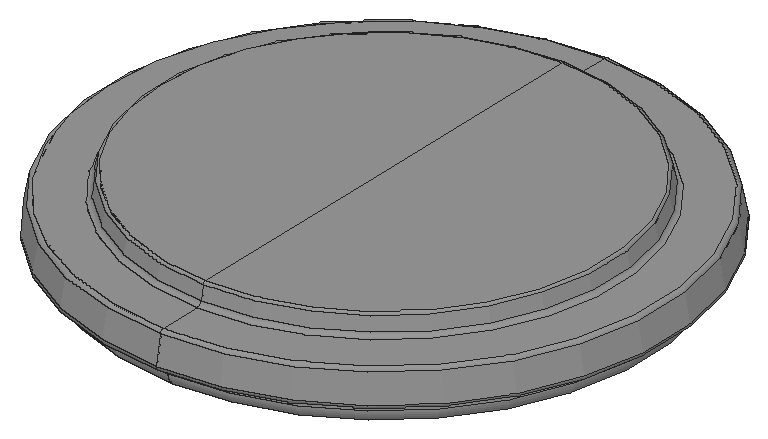
Revit family "FMK12_63_UN_Surface-mounted_ETK", category Lighting Fixtures, Revit 2017
Family settings
  Round Connector Dimension = Use Diameter
  Part Type = Normal
  OmniClass Number = 23.80.70.11.14.11
  OmniClass Title = Downlights
  Work Plane-Based = No
  Always vertical = Yes
  Cut with Voids When Loaded = No
  Light Source = No
  Shared = No
  Room Calculation Point = Yes
Parameters (values of type "FMK.1239.10N - Ø300x40 / 18W")
  Wattage Comments = "18W"
  Wall mounted [instance] = no
  Voltage = 230 V
  URL = "https://www.etk.nl/--4761"
  Type Comments = "IP54 - IK08"
  Symbol_Waterproof [instance] = no
  Symbol_Emergency Lighting [instance] = no
  Switch Code [instance] = ""
  Radius = Diameter / 2  # 150 mm
  Model = "FMK.1"
  Manufacturer = "ETK licht B.V."
  Luminaire_Body_Material = PPS Plastic
  Luminaire Code [instance] = ""
  Lamp = "LED"
  IfcExportType = "USERDEFINED"
  IfcExportAs = "IfcLightFixtureType"
  Distance Symbol [instance] = if(Wall mounted, 250 mm, 0 mm)  # 0 mm
  Distance Luminaire Wall [instance] = if([40mm Height], 28.2 mm, 38.2 mm)  # 28.2 mm
  Distance Luminaire [instance] = if([40mm Height], 28.2 mm, 38.2 mm)  # 28.2 mm
  Diameter = 300 mm
  Description = "Surface Mounted"
  Copyright © IVLighting = "www.ivlighting.nl"
  Ceiling mounted [instance] = not(Wall mounted)  # yes
  Calc_Radius = Radius - 7.7 mm  # 142.3 mm
  Bundle = "120°"
  Assembly Code = "63.0"
  Apparent Load = 18 VA
  48mm Height = not([40mm Height])  # no
  40mm Height = yes
Reference planes
  plane 1 "Center (Front/Back)": y = 0
  plane 2: z = 0
  plane 3 "Center (Left/Right)": x = 0
Dimensions and locks
  "Distance Luminaire": plane 2 to nested 2
  "Distance Luminaire Wall": nested 1 to plane 3 "Center (Left/Right)"
  "Distance Symbol": plane 3 "Center (Left/Right)" to nested 5
  aligned and locked: level to plane 2
Nested families
  nested 1: "FMK1 Geometry" at (40.028, 0, -0.011) x (0, 0, 1) z (-1, 0, 0), visible <- "Wall mounted", type "FMK1 Geometry"
    with Symbol_Waterproof no, Symbol_Emergency Lighting no
  nested 2: "FMK1 Geometry" at (0, 0, -40.028) x (0, -1, 0) z (0, 0, 1), visible <- "Ceiling mounted", type "FMK1 Geometry"
    with Symbol_Waterproof no, Symbol_Emergency Lighting no
  nested 3: "FMK.1 - Lightsource" at (40.039, -3.799, 2.924) x (0, 0, -1) z (-1, 0, 0), visible <- "Wall mounted", type "FMK.1109.10 - Ø250x48 / 12W"
  nested 4: "FMK.1 - Lightsource" at (0, -0.95, -38.75), visible <- "Ceiling mounted", type "FMK.1109.10 - Ø250x48 / 12W"
  nested 5: "FMK.1 D300 Light_Symbol_IVL" at (0, 0, 0), Emergency Lighting <- "Symbol_Emergency Lighting", Wall mounted <- "Wall mounted", Waterproof <- "Symbol_Waterproof", type "Symbol 300mm"
    with Waterproof no, Wall mounted no, Lighting Fixture yes, Emergency Lighting no
Connectors
  electrical at (0, 0, 0), driven by "Apparent Load"
    settings: index 1, voltage 0 V, apparent load 0 VA, apparent load phase1 18 VA, apparent load phase2 0 VA, apparent load phase3 0 VA, power factor 1, load classification "Other", number of poles 1, system type 31, power factor state 1, is connector primary yes, connector utility no, sub classification motor no, connector description ""
Definition of nested family "FMK1 Geometry"
  Parameters (values of type "FMK1 Geometry")
    URL = "https://www.etk.nl/--4761"
    Type Comments = "IP54 - IK08"
    Symbol_Waterproof [instance] = no
    Symbol_Emergency Lighting [instance] = no
    Radius = Diameter / 2  # 150 mm
    Model = "FMK.1"
    Manufacturer = "ETK licht B.V."
    Luminaire_Body_Material = none
    Diameter = 300 mm
    Description = "Surface Mounted"
    Default Elevation = 1219.2 mm
    Copyright © IVLighting = "www.ivlighting.nl"
    Calc_Radius = Radius - 7.7 mm  # 142.3 mm
    Assembly Code = "63.0"
    48mm Height = not([40mm Height])  # no
    40mm Height = yes
  Reference planes
    plane 1 "Center (Front/Back)": y = 0
    plane 2: z = 0
    plane 3 "Center (Left/Right)": x = 0
    plane 4: x = -150
    plane 5: x = -142.3
    plane 6: x = -117.421
    plane 7: x = -150
    plane 8: x = -120.493
  Forms (mm)
    Revolve 1, solid, visible <- "48mm Height"
      sketch origin (0, 0, 0) x (1, 0, 0) y (0, 0, 1)
        loop
          line (0, 11.878) -> (0, 50.016) -> (-117.421, 50.016)
          arc (-117.421, 50.016) -> (-118.285, 49.731) -> (-118.81, 48.988) r 1.453
          arc (-118.81, 48.988) -> (-120.071, 44.131) -> (-120.91, 39.183) r 58.4
          arc (-120.91, 39.183) -> (-121.418, 38.222) -> (-122.436, 37.837) r 1.538
          line (-122.436, 37.837) -> (-141.664, 37.837)
          arc (-141.664, 37.837) -> (-143.489, 37.28) -> (-144.691, 35.8) r 3.266
          arc (-144.691, 35.8) -> (-148.152, 25.071) -> (-150, 13.95) r 76.559
          arc (-150, 13.95) -> (-149.511, 12.497) -> (-148.108, 11.878) r 1.9
          line (-148.108, 11.878) -> (0, 11.878)
        axis (0, 50.016) -> (0, 11.878)
      angle from 0 to 360
    Revolve 2, solid
      sketch origin (0, 0, 0) x (1, 0, 0) y (0, 0, 1)
        loop
          line (-135.229, 0) -> (0, 0) -> (0, 11.828) -> (-142.3, 11.828) -> (-142.3, 7.071)
          arc (-142.3, 7.071) -> (-140.229, 2.071) -> (-135.229, 0) r 7.071
        axis (0, 11.828) -> (0, 0)
      angle from 0 to 360
    Revolve 3, solid, visible <- "40mm Height"
      sketch origin (0, 0, 0) x (1, 0, 0) y (0, 0, 1)
        loop
          line (0, 11.878) -> (0, 40) -> (-117.421, 40)
          arc (-117.421, 40) -> (-118.285, 39.715) -> (-118.81, 38.972) r 1.453
          arc (-118.81, 38.972) -> (-119.76, 35.483) -> (-120.493, 31.941) r 58.4
          arc (-120.493, 31.941) -> (-121.366, 30.426) -> (-123.008, 29.828) r 2.553
          line (-123.008, 29.828) -> (-145.086, 29.828)
          arc (-145.086, 29.828) -> (-146.498, 29.355) -> (-147.342, 28.129) r 2.347
          arc (-147.342, 28.129) -> (-149.006, 21.102) -> (-150, 13.95) r 76.559
          arc (-150, 13.95) -> (-149.511, 12.497) -> (-148.108, 11.878) r 1.9
          line (-148.108, 11.878) -> (0, 11.878)
        axis (0, 40) -> (0, 11.878)
      angle from 0 to 360
  Dimensions and locks
    "Radius": plane 3 "Center (Left/Right)" to plane 4
    "Calc_Radius": plane 3 "Center (Left/Right)" to plane 5
    locked: plane 6 to plane 4 at 32.579
    Revolve 3 sketch curve to plane 2 = 40 mm
    locked: plane 7 to plane 8 at 29.507
    "Radius": plane 3 "Center (Left/Right)" to plane 7
    aligned and locked: level to plane 2
    aligned and locked: plane 4 to Revolve 1 sketch curve
    aligned and locked: plane 5 to Revolve 2 sketch curve
    aligned and locked: plane 6 to Revolve 1 sketch curve
    aligned and locked: plane 7 to Revolve 3 sketch curve
  Automatic sketch dimensions
    Revolve 1 sketch curve to plane 4 = 0 mm
    Revolve 1 sketch curve to plane 3 "Center (Left/Right)" = 0 mm  (x2)
    plane 4 to Revolve 1 sketch curve = 1.892 mm
    plane 4 to Revolve 1 sketch curve = 8.336 mm
    Revolve 1 sketch curve to plane 6 = 5.015 mm
    level to Revolve 1 sketch curve = 6.994 mm
    plane 6 to Revolve 1 sketch curve = 43.663 mm
    Revolve 1 sketch curve to Revolve 1 sketch curve = 10.792 mm
    level to Revolve 1 sketch curve = 11.878 mm
    Revolve 1 sketch curve to Revolve 1 sketch curve = 24.906 mm
    Revolve 1 sketch curve to Revolve 1 sketch curve = 20.793 mm
    Revolve 1 sketch curve to Revolve 1 sketch curve = 3.266 mm
    Revolve 1 sketch curve to Revolve 1 sketch curve = 1.538 mm
    Revolve 1 sketch curve to Revolve 1 sketch curve = 9.38 mm
    Revolve 1 sketch curve to Revolve 1 sketch curve = 38.138 mm
    Revolve 1 sketch curve to Revolve 1 sketch curve = 0 mm
    Revolve 1 sketch curve to level = 366.045 mm
    Revolve 1 sketch curve to Revolve 1 sketch curve = 2164.299 mm
    Revolve 2 sketch curve to level = 0 mm
    Revolve 2 sketch curve to plane 3 "Center (Left/Right)" = 0 mm  (x2)
    plane 5 to Revolve 2 sketch curve = 7.071 mm
    level to Revolve 2 sketch curve = 11.828 mm
    Revolve 2 sketch curve to Revolve 2 sketch curve = 366.045 mm
    Revolve 2 sketch curve to Revolve 2 sketch curve = 2202.487 mm
    plane 7 to Revolve 3 sketch curve = 0 mm
    plane 8 to Revolve 3 sketch curve = 0 mm  (x2)
    Revolve 3 sketch curve to plane 3 "Center (Left/Right)" = 0 mm  (x2)
    Revolve 3 sketch curve to plane 7 = 1.892 mm
    Revolve 3 sketch curve to plane 7 = 4.914 mm
    plane 8 to Revolve 3 sketch curve = 2.515 mm
    Revolve 3 sketch curve to plane 8 = 3.073 mm
    level to Revolve 3 sketch curve = 6.994 mm
    Revolve 3 sketch curve to plane 8 = 46.736 mm
    Revolve 3 sketch curve to Revolve 3 sketch curve = 10.792 mm
    level to Revolve 3 sketch curve = 11.878 mm
    Revolve 3 sketch curve to Revolve 3 sketch curve = 14.89 mm
    Revolve 3 sketch curve to Revolve 3 sketch curve = 13.703 mm
    Revolve 3 sketch curve to Revolve 3 sketch curve = 2.347 mm
    Revolve 3 sketch curve to Revolve 3 sketch curve = 1.453 mm
    Revolve 3 sketch curve to level = 366.045 mm
    Revolve 3 sketch curve to Revolve 3 sketch curve = 2174.315 mm
Definition of nested family "FMK.1 - Lightsource"
  Parameters (values of type "FMK.1109.10 - Ø250x48 / 12W")
    Wattage Comments = "12W"
    Wattage = 23.5624 W
    built-in parameter 1150110 = 1 (stored number, unit not read)
    URL = "https://www.etk.nl/--4761"
    built-in parameter 1114217 = 1 (stored number, unit not read)
    Tilt Angle = 90.00°
    built-in parameter 1150109 = 1 (stored number, unit not read)
    built-in parameter 1150134 = (empty or 0)
    built-in parameter 1150113 = 1 (stored number, unit not read)
    Photometric Web File = "FMK.1109.10.ies"
    built-in parameter 1150142 = "IESNA:LM-63-2002\r\n[TEST] /2015\r\n[TESTLAB] ies2eulumdat.appspot.com\r\n[ISSUEDATE] 2021-06-16T09:00:21.829\r\n[MANUFAC] www.etk.nl\r\n[LUMCAT] FMK.1109.10\r\n[LUMINAIRE] FMK.1 LED 12W 3000/4000/5700K ø250 niet dimbaar\r\n[LAMPCAT] LED\r\n[LAMP] LED\r\nTILT=NONE\r\n1\t1150\t1\t46\t180\t1\t2\t-0.250\t-0.250\t0\r\n1.0\t1.0\t11.80\r\n0\t 2\t 4\t 6\t 8\t 10\t 12\t 14\t 16\t 18\r\n20\t 22\t 24\t 26\t 28\t 30\t 32\t 34\t 36\t 38\r\n40\t 42\t 44\t 46\t 48\t 50\t 52\t 54\t 56\t 58\r\n60\t 62\t 64\t 66\t 68\t 70\t 72\t 74\t 76\t 78\r\n80\t 82\t 84\t 86\t 88\t 90\r\n0\t 2\t 4\t 6\t 8\t 10\t 12\t 14\t 16\t 18\r\n20\t 22\t 24\t 26\t 28\t 30\t 32\t 34\t 36\t 38\r\n40\t 42\t 44\t 46\t 48\t 50\t 52\t 54\t 56\t 58\r\n60\t 62\t 64\t 66\t 68\t 70\t 72\t 74\t 76\t 78\r\n80\t 82\t 84\t 86\t 88\t 90\t 92\t 94\t 96\t 98\r\n100\t 102\t 104\t 106\t 108\t 110\t 112\t 114\t 116\t 118\r\n120\t 122\t 124\t 126\t 128\t 130\t 132\t 134\t 136\t 138\r\n140\t 142\t 144\t 146\t 148\t 150\t 152\t 154\t 156\t 158\r\n160\t 162\t 164\t 166\t 168\t 170\t 172\t 174\t 176\t 178\r\n180\t 182\t 184\t 186\t 188\t 190\t 192\t 194\t 196\t 198\r\n200\t 202\t 204\t 206\t 208\t 210\t 212\t 214\t 216\t 218\r\n220\t 222\t 224\t 226\t 228\t 230\t 232\t 234\t 236\t 238\r\n240\t 242\t 244\t 246\t 248\t 250\t 252\t 254\t 256\t 258\r\n260\t 262\t 264\t 266\t 268\t 270\t 272\t 274\t 276\t 278\r\n280\t 282\t 284\t 286\t 288\t 290\t 292\t 294\t 296\t 298\r\n300\t 302\t 304\t 306\t 308\t 310\t 312\t 314\t 316\t 318\r\n320\t 322\t 324\t 326\t 328\t 330\t 332\t 334\t 336\t 338\r\n340\t 342\t 344\t 346\t 348\t 350\t 352\t 354\t 356\t 358\r\n\r\n405.3384\t404.7765\t404.2265\t402.9975\t401.1013\t399.2051\t395.3191\t391.4331\t387.5471\t383.661\r\n379.7751\t373.4779\t367.169\t360.8717\t354.5746\t348.2657\t339.7094\t331.1415\t322.5852\t314.029\r\n305.461\t294.8096\t284.1582\t273.5069\t262.8555\t252.2041\t239.7267\t227.261\t214.7837\t202.3181\r\n189.8525\t177.3751\t164.9094\t152.432\t139.9664\t127.4891\t0\t0\t0\t0\r\n0\t0\t0\t0\t0\t0\r\n405.3384\t404.7925\t404.2577\t403.0448\t401.1686\t399.2994\t395.4335\t391.5606\t387.7102\t383.8203\r\n379.9334\t373.6444\t367.3443\t361.0453\t354.7325\t348.4388\t339.8983\t331.3616\t322.8117\t314.2627\r\n305.722\t295.0872\t284.4404\t273.8022\t263.1576\t252.5163\t240.0548\t227.5873\t215.131\t202.664\r\n190.1945\t177.7378\t165.2697\t152.8012\t140.3312\t128.1946\t0.3296\t0\t0\t0\r\n0\t0\t0\t0\t0\t0\r\n405.3384\t404.8094\t404.2892\t403.0935\t401.2796\t399.4809\t395.6213\t391.7396\t387.8385\t383.9437\r\n380.072\t373.802\t367.5085\t361.2065\t354.9129\t348.6531\t340.137\t331.5961\t323.0451\t314.5012\r\n305.9895\t295.3818\t284.734\t274.0862\t263.4264\t252.8071\t240.376\t227.9231\t215.4572\t202.995\r\n190.53\t178.0631\t165.6056\t153.1389\t140.6717\t129.4859\t1.3419\t0\t0\t0\r\n0\t0\t0\t0\t0\t0\r\n405.3384\t404.8271\t404.3209\t403.1488\t401.3532\t399.5783\t395.7291\t391.8382\t387.9181\t384.0265\r\n380.1901\t373.9544\t367.6616\t361.3486\t355.0482\t348.8012\t340.3437\t331.8018\t323.2501\t314.6929\r\n306.2129\t295.662\t285.012\t274.3604\t263.7094\t253.1247\t240.74\t228.2758\t215.8122\t203.3491\r\n190.8749\t178.4127\t165.9503\t153.4898\t141.027\t131.3458\t3.1025\t0\t0\t0\r\n0\t0\t0\t0\t0\t0\r\n405.3384\t404.8458\t404.3591\t403.1978\t401.4167\t399.6486\t395.7816\t391.8937\t388.0038\t384.1068\r\n380.2987\t374.1143\t367.817\t361.5156\t355.2003\t348.9967\t340.5979\t332.043\t323.4957\t314.942\r\n306.4955\t295.9896\t285.3021\t274.6328\t263.9659\t253.4202\t241.0823\t228.6129\t216.1591\t203.6915\r\n191.2234\t178.7558\t166.3001\t153.8352\t141.371\t133.6544\t5.718\t0\t0\t0\r\n0\t0\t0\t0\t0\t0\r\n405.3384\t404.8652\t404.3908\t403.2459\t401.4706\t399.6646\t395.8675\t391.9843\t388.0857\t384.1821\r\n380.4316\t374.3456\t368.0256\t361.7021\t355.3697\t349.2\t340.8799\t332.2872\t323.6935\t315.0968\r\n306.6804\t296.3012\t285.6181\t274.9391\t264.248\t253.707\t241.4578\t228.9766\t216.4988\t204.0245\r\n191.5571\t179.0864\t166.6186\t154.1544\t141.6922\t136.24\t9.3369\t0\t0\t0\r\n0\t0\t0\t0\t0\t0\r\n405.3384\t404.8854\t404.4219\t403.2933\t401.5055\t399.7186\t395.9651\t392.0842\t388.1903\t384.3067\r\n380.5784\t374.5562\t368.2162\t361.8639\t355.4958\t349.3364\t341.1183\t332.5123\t323.9013\t315.2964\r\n306.9063\t296.6299\t285.9122\t275.1976\t264.4831\t253.9575\t241.8218\t229.3201\t216.8328\t204.3396\r\n191.8483\t179.3695\t166.8926\t154.4222\t141.9565\t138.8551\t14.1501\t0\t0\t0\r\n0\t0\t0\t0\t0\t0\r\n405.3384\t404.9066\t404.4521\t403.3398\t401.5506\t399.7766\t396.0731\t392.2029\t388.3231\t384.3922\r\n380.6589\t374.7488\t368.3792\t361.9898\t355.5837\t349.4181\t341.3685\t332.7528\t324.1099\t315.4532\r\n307.0598\t296.9581\t286.2249\t275.4731\t264.7159\t254.1799\t242.1928\t229.6762\t217.1659\t204.6692\r\n192.1717\t179.6758\t167.1817\t154.6978\t142.2295\t141.3105\t20.401\t0\t0\t0\r\n0\t0\t0\t0\t0\t0\r\n405.3384\t404.9688\t404.4817\t403.3908\t401.5946\t399.8358\t396.2032\t392.3475\t388.4203\t384.4425\r\n380.7195\t374.9437\t368.5473\t362.1238\t355.6851\t349.5134\t341.9282\t332.9785\t324.3069\t315.6402\r\n306.9436\t297.5694\t286.5262\t275.7395\t264.9593\t254.1623\t242.7912\t230.0358\t217.5005\t204.986\r\n192.4711\t179.9636\t167.4644\t154.9748\t142.4941\t143.2492\t28.3764\t0\t0\t0\r\n0\t0\t0\t0\t0\t0\r\n405.3384\t404.9901\t404.5102\t403.434\t401.6375\t399.8986\t396.3675\t392.4653\t388.4946\t384.4886\r\n380.7515\t375.1532\t368.7296\t362.2829\t355.7949\t349.2691\t342.1908\t333.257\t324.528\t315.7751\r\n307.0363\t297.9246\t286.8722\t276.0236\t265.1733\t254.3419\t243.18\t230.433\t217.8766\t205.3224\r\n192.7845\t180.2462\t167.7206\t155.2142\t142.724\t144.3059\t38.4235\t0\t0\t0\r\n0\t0\t0\t0\t0\t0\r\n405.3384\t405.0108\t404.5376\t403.4745\t401.6757\t399.9613\t396.5103\t392.5677\t388.5717\t384.5293\r\n380.4421\t375.6788\t368.9428\t362.4278\t355.8852\t349.3419\t342.4468\t333.4846\t324.7196\t315.9401\r\n307.1422\t298.1755\t287.1691\t276.2852\t265.4162\t254.5351\t243.54\t230.8321\t218.2158\t205.6051\r\n193.0422\t180.5018\t167.9628\t155.4439\t142.9509\t130.4715\t80.1717\t0\t0\t0\r\n0\t0\t0\t0\t0\t0\r\n405.3384\t405.0308\t404.5638\t403.5122\t401.7197\t400.0344\t396.6479\t392.675\t388.642\t384.5539\r\n380.446\t375.8849\t369.1475\t362.5941\t356.0076\t349.3402\t342.606\t333.7678\t324.9507\t316.0958\r\n307.1888\t298.3823\t287.5427\t276.5987\t265.6547\t254.6769\t243.7733\t231.1892\t218.5583\t205.9536\r\n193.3574\t180.7795\t168.2176\t155.6732\t143.1664\t130.6811\t92.6587\t0\t0\t0\r\n0\t0\t0\t0\t0\t0\r\n405.3384\t405.0504\t404.5956\t403.547\t401.7653\t400.0733\t397.0342\t392.7846\t388.7175\t384.6009\r\n380.4658\t376.0643\t369.3866\t362.7735\t356.0799\t349.3699\t342.7566\t334.0832\t325.1628\t316.2179\r\n307.2752\t298.5357\t287.9146\t276.8913\t265.8705\t254.8646\t244.0337\t231.6235\t218.9315\t206.265\r\n193.6356\t181.0339\t168.4572\t155.9156\t143.3861\t130.8825\t104.473\t0\t0\t0\r\n0\t0\t0\t0\t0\t0\r\n405.3384\t405.0692\t404.6173\t403.5726\t401.812\t400.0922\t397.1653\t392.8976\t388.795\t384.6787\r\n380.4567\t376.1942\t369.6246\t362.9226\t356.2055\t349.4272\t342.8367\t334.3769\t325.3805\t316.3703\r\n307.3625\t298.3377\t288.5546\t277.2123\t266.1258\t255.0391\t244.1559\t232.0335\t219.3073\t206.6258\r\n193.9576\t181.3129\t168.7045\t156.1324\t143.5875\t131.0872\t115.0185\t0\t0\t0\r\n0\t0\t0\t0\t0\t0\r\n405.3384\t405.0876\t404.6362\t403.6022\t401.8688\t399.828\t397.2783\t392.9976\t388.9023\t384.7385\r\n380.4432\t376.2623\t369.8607\t363.1303\t356.3361\t349.4819\t342.5273\t334.9205\t325.6274\t316.563\r\n307.4647\t298.325\t288.8953\t277.552\t266.3836\t255.2249\t244.066\t232.6598\t219.71\t206.9637\r\n194.2635\t181.5828\t168.9417\t156.3369\t143.7678\t131.2452\t123.6219\t0\t0\t0\r\n0\t0\t0\t0\t0\t0\r\n405.3384\t405.1054\t404.6527\t403.6299\t401.9954\t399.8313\t397.3825\t393.1311\t389.0376\t384.7914\r\n380.4256\t376.2601\t370.1442\t363.3441\t356.5\t349.5195\t342.4467\t335.1645\t325.9313\t316.7695\r\n307.548\t298.3169\t289.1161\t277.9297\t266.651\t255.4032\t244.1853\t232.9715\t220.1319\t207.3312\r\n194.5444\t181.8166\t169.148\t156.5181\t143.9438\t131.4005\t129.5504\t10.7169\t0\t0\r\n0\t0\t0\t0\t0\t0\r\n405.3384\t405.1227\t404.6665\t403.6558\t402.0282\t399.8387\t397.4732\t393.2952\t389.1616\t384.8421\r\n380.4176\t375.9014\t370.721\t363.6037\t356.6569\t349.5494\t342.4061\t335.3294\t326.2421\t316.9739\r\n307.6665\t298.3454\t289.1781\t278.2878\t266.963\t255.6467\t244.3238\t233.1536\t220.5163\t207.6577\r\n194.8355\t182.0686\t169.3482\t156.6677\t144.0408\t131.4715\t131.8453\t25.923\t0\t0\r\n0\t0\t0\t0\t0\t0\r\n405.3384\t405.1396\t404.6776\t403.6776\t402.0538\t399.8619\t397.5341\t393.5083\t389.2881\t384.8846\r\n380.4261\t375.832\t370.9139\t363.9038\t356.8028\t349.6355\t342.4017\t335.332\t326.5796\t317.2212\r\n307.8198\t298.3417\t288.8594\t278.9905\t267.339\t255.8866\t244.4302\t233.0061\t221.1259\t208.0094\r\n195.1274\t182.2902\t169.5075\t156.7928\t144.1389\t131.538\t118.9821\t72.5747\t0\t0\r\n0\t0\t0\t0\t0\t0\r\n405.3384\t405.1559\t404.686\t403.7113\t402.0482\t399.882\t397.6063\t393.7003\t389.4083\t384.9648\r\n380.4586\t375.7543\t371.0891\t364.165\t357.0131\t349.7518\t342.4103\t334.9484\t327.1548\t317.4999\r\n307.9709\t298.3923\t288.8332\t279.2321\t267.7019\t256.1485\t244.593\t233.049\t221.4516\t208.379\r\n195.4187\t182.5259\t169.6952\t156.9157\t144.2105\t131.5685\t118.9925\t91.6472\t0\t0\r\n0\t0\t0\t0\t0\t0\r\n405.3384\t405.1718\t404.6918\t403.7304\t402.0748\t399.9057\t397.6713\t393.8957\t389.5114\t385.088\r\n380.4979\t375.7076\t371.0587\t364.4889\t357.2386\t349.9042\t342.4218\t334.8539\t327.2884\t317.8216\r\n308.1836\t298.5219\t288.784\t279.2695\t268.1369\t256.4569\t244.7869\t233.1079\t221.6219\t208.7797\r\n195.7476\t182.7712\t169.842\t157.0084\t144.2669\t131.5897\t118.9856\t106.3522\t0\t0\r\n0\t0\t0\t0\t0\t0\r\n405.3384\t405.1872\t404.677\t403.7455\t402.1069\t399.9332\t397.7438\t394.3242\t389.6719\t385.2237\r\n380.5442\t375.6807\t370.6129\t365.0631\t357.5309\t350.0674\t342.4859\t334.7817\t327.2448\t318.4473\r\n308.4635\t298.6371\t288.784\t278.8955\t268.7927\t256.8209\t244.9966\t233.2361\t221.4851\t209.3772\r\n196.0586\t182.9925\t170.014\t157.1221\t144.303\t131.5659\t118.922\t115.4507\t0.7529\t0\r\n0\t0\t0\t0\t0\t0\r\n405.3384\t405.2023\t404.5924\t403.7567\t402.1445\t399.9518\t397.5215\t394.4699\t389.8906\t385.382\r\n380.6063\t375.6074\t370.4961\t365.1827\t357.8531\t350.2794\t342.5728\t334.767\t326.8088\t318.7303\r\n308.7717\t298.8224\t288.8326\t278.8036\t268.8778\t257.2662\t245.3121\t233.3885\t221.4719\t209.6291\r\n196.4163\t183.2663\t170.1886\t157.217\t144.3317\t131.5459\t118.8227\t106.1876\t17.4697\t0\r\n0\t0\t0\t0\t0\t0\r\n405.3384\t405.217\t404.5944\t403.7643\t402.2164\t399.9969\t397.5215\t394.5348\t390.1198\t385.5481\r\n380.6842\t375.579\t370.3695\t365.1761\t358.5091\t350.5396\t342.7377\t334.7731\t326.7113\t318.7291\r\n309.1553\t299.0695\t288.9289\t278.7193\t268.5571\t257.9194\t245.6422\t233.5555\t221.5159\t209.6959\r\n196.8141\t183.564\t170.3986\t157.3153\t144.3298\t131.4311\t118.6433\t105.963\t65.2493\t0\r\n0\t0\t0\t0\t0\t0\r\n405.3384\t405.2314\t404.597\t403.7683\t402.259\t400.1387\t397.5142\t394.6254\t390.3718\t385.7346\r\n380.7618\t375.6336\t370.2359\t364.7113\t358.7633\t350.8369\t342.942\t334.8576\t326.6208\t318.2983\r\n309.7123\t299.3766\t289.0811\t278.7695\t268.3526\t258.0866\t246.0418\t233.822\t221.6258\t209.5032\r\n197.3492\t183.8918\t170.5912\t157.4067\t144.3357\t131.3476\t118.48\t105.7362\t86.9291\t0\r\n0\t0\t0\t0\t0\t0\r\n405.3384\t405.2454\t404.6007\t403.7691\t402.2969\t400.2013\t397.5194\t394.7022\t390.8756\t385.9297\r\n380.8283\t375.6809\t370.2029\t364.5257\t358.7975\t351.2443\t343.1931\t334.9798\t326.6184\t318.1094\r\n309.6994\t299.7814\t289.3562\t278.8261\t268.235\t257.6488\t246.725\t234.1375\t221.8235\t209.5282\r\n197.4412\t184.2693\t170.8692\t157.5318\t144.3183\t131.2485\t118.3192\t105.4985\t99.8452\t0\r\n0\t0\t0\t0\t0\t0\r\n405.3384\t405.2465\t404.6055\t403.7327\t402.33\t400.28\t397.5374\t394.7758\t391.1064\t386.1222\r\n380.9814\t375.6963\t370.1916\t364.3689\t358.3019\t351.8681\t343.551\t335.1761\t326.6651\t318.0094\r\n309.224\t300.3263\t289.676\t278.9673\t268.2109\t257.4449\t246.79\t234.5954\t222.0662\t209.6096\r\n197.2538\t184.796\t171.1111\t157.6776\t144.3725\t131.1929\t118.1378\t105.2239\t92.4606\t7.417\r\n0\t0\t0\t0\t0\t0\r\n405.3384\t405.26\t404.6117\t403.7331\t402.3583\t400.3318\t397.5727\t394.5667\t391.2865\t386.3445\r\n381.2477\t375.7985\t370.1959\t364.244\t358.0878\t351.9228\t343.9437\t335.4465\t326.8059\t317.9911\r\n309.0489\t300.2024\t290.2985\t279.2004\t268.2951\t257.2789\t246.344\t235.2056\t222.4167\t209.7955\r\n197.2042\t184.8605\t171.4948\t157.9091\t144.4487\t131.1247\t117.9609\t104.9565\t92.1149\t52.9313\r\n0\t0\t0\t0\t0\t0\r\n405.3384\t405.2736\t404.6193\t403.7351\t402.3811\t400.3748\t397.6302\t394.5872\t391.3781\t386.8119\r\n381.4951\t375.9993\t370.2514\t364.1293\t357.9116\t351.3889\t344.5079\t335.822\t327.0416\t318.0736\r\n308.9557\t299.6921\t290.3569\t279.5927\t268.421\t257.3226\t246.1\t234.903\t222.8814\t210.0311\r\n197.2958\t184.6475\t172.0079\t158.165\t144.5452\t131.0796\t117.7978\t104.7315\t91.8426\t76.8551\r\n0\t0\t0\t0\t0\t0\r\n405.3384\t405.2871\t404.6284\t403.7382\t402.383\t400.4092\t397.8019\t394.6157\t391.382\t386.9759\r\n381.7537\t376.2214\t370.3501\t364.1175\t357.7917\t351.1064\t344.4201\t336.5393\t327.3814\t318.2587\r\n308.9705\t299.4656\t289.8818\t280.0753\t268.8078\t257.4031\t245.984\t234.5829\t223.2864\t210.4452\r\n197.4796\t184.6232\t171.8738\t158.4916\t144.6856\t131.1101\t117.7175\t104.5034\t91.5471\t87.0893\r\n0\t0\t0\t0\t0\t0\r\n405.3384\t405.3008\t404.6392\t403.7418\t402.3989\t400.4352\t397.8747\t394.6614\t391.0674\t387.1128\r\n382.2229\t376.4632\t370.4832\t364.2203\t357.7251\t350.8963\t343.8101\t336.6669\t327.8215\t318.561\r\n309.1145\t299.4337\t289.6313\t279.6987\t269.4041\t257.6346\t246.0417\t234.3777\t222.7877\t211.0609\r\n197.8041\t184.6956\t171.7174\t158.9026\t144.9461\t131.1605\t117.657\t104.3263\t91.2411\t78.3968\r\n8.6356\t0\t0\t0\t0\t0\r\n405.3384\t405.3146\t404.6518\t403.7453\t402.4116\t400.4333\t397.9374\t394.7255\t391.0189\t387.2362\r\n382.4741\t376.7553\t370.621\t364.3583\t357.712\t350.7498\t343.5434\t336.0689\t328.3754\t318.9975\r\n309.3575\t299.5473\t289.484\t279.3984\t269.2587\t258.261\t246.2079\t234.3624\t222.4746\t210.6739\r\n198.3975\t184.9162\t171.7187\t158.643\t145.2545\t131.3415\t117.6016\t104.16\t90.981\t78.0548\r\n54.1337\t0\t0\t0\t0\t0\r\n405.3384\t405.4889\t404.6945\t403.6712\t402.4205\t400.4506\t397.9834\t394.8928\t390.9998\t386.973\r\n382.6577\t377.3141\t370.8707\t364.5641\t357.7877\t350.7046\t343.3801\t335.7208\t327.8525\t319.6767\r\n309.7968\t299.7787\t289.6134\t279.2245\t268.6962\t258.2578\t246.6038\t234.4814\t222.3847\t210.2821\r\n198.4381\t185.3347\t171.8446\t158.564\t145.4985\t131.5442\t117.6455\t104.0124\t90.7095\t77.7184\r\n71.0115\t0\t0\t0\t0\t0\r\n405.3384\t405.5009\t404.7104\t403.6809\t402.4254\t400.4644\t398.0198\t394.9896\t391.014\t386.9406\r\n382.6666\t377.537\t371.2201\t364.837\t357.9545\t350.7593\t343.2926\t335.5022\t327.46\t319.1538\r\n310.4783\t300.1684\t289.8497\t279.2431\t268.5397\t257.661\t246.8589\t234.8353\t222.4783\t210.092\r\n197.8192\t185.7046\t172.2109\t158.5712\t145.1721\t131.9025\t117.7262\t103.9048\t90.5045\t77.4349\r\n64.724\t0\t0\t0\t0\t0\r\n405.3384\t405.512\t404.7274\t403.6949\t402.4256\t400.4737\t398.0459\t395.0319\t391.1349\t386.9314\r\n382.368\t377.565\t371.7894\t365.1647\t358.2122\t350.925\t343.2805\t335.4297\t327.1908\t318.7224\r\n309.9642\t300.886\t290.2777\t279.5029\t268.5805\t257.4726\t246.2239\t235.0727\t222.7881\t210.1727\r\n197.5617\t185.0625\t172.6371\t158.8143\t145.0846\t131.6118\t117.8827\t103.9322\t90.3265\t77.1744\r\n64.48\t35.0653\t0\t0\t0\t0\r\n405.3384\t405.522\t404.7455\t403.7452\t402.4209\t400.4773\t398.0588\t395.0488\t391.1753\t387.0135\r\n382.3352\t377.2242\t371.9159\t365.7147\t358.5534\t351.2243\t343.4254\t335.4792\t327.0606\t318.4772\r\n309.4696\t300.3065\t290.8705\t280.0089\t268.8629\t257.5392\t246.0377\t234.4621\t222.8965\t210.6316\r\n197.5873\t184.7291\t171.9505\t159.2993\t145.2866\t131.4601\t118.0115\t103.9741\t90.2222\t76.9361\r\n64.1798\t56.618\t0\t0\t0\t0\r\n405.3384\t405.5308\t404.7649\t403.7651\t402.3395\t400.4737\t398.0593\t395.0424\t391.207\t387.0567\r\n382.3506\t377.1527\t371.6378\t365.821\t359.1154\t351.6039\t343.7387\t335.6237\t327.116\t318.3892\r\n309.185\t299.8538\t290.1589\t280.4669\t269.6277\t257.8645\t246.1541\t234.2897\t222.3665\t210.3175\r\n198.0481\t184.7232\t171.6272\t158.6683\t145.768\t131.577\t117.6798\t104.1455\t90.1031\t76.7097\r\n63.9092\t51.7004\t0\t0\t0\t0\r\n405.3384\t405.5388\t404.7856\t403.7878\t402.34\t400.4766\t398.0469\t395.016\t391.2276\t387.086\r\n382.4782\t377.1848\t371.6139\t365.5258\t359.2193\t352.1252\t344.383\t335.9209\t327.3527\t318.4608\r\n309.1505\t299.601\t289.7392\t279.6691\t269.2868\t258.5846\t246.5891\t234.456\t222.2595\t209.9698\r\n197.5743\t185.146\t171.655\t158.2647\t145.101\t132.0467\t117.7168\t103.7776\t90.1162\t76.5416\r\n63.6537\t51.4481\t11.4644\t0\t0\t0\r\n405.3384\t405.5455\t404.8079\t403.8136\t402.3469\t400.3632\t398.021\t394.9736\t391.2361\t387.0991\r\n382.4999\t377.3413\t371.7228\t365.4801\t358.9167\t352.0852\t344.7107\t336.4982\t327.7775\t318.7203\r\n309.3167\t299.5744\t289.5996\t279.3072\t268.7148\t257.8887\t247.047\t235.2639\t222.5436\t209.9771\r\n197.2699\t184.5597\t171.885\t158.2865\t144.6692\t131.337\t118.1829\t103.7905\t89.9666\t76.4265\r\n63.4089\t51.1676\t44.0861\t0\t0\t0\r\n405.3384\t405.5513\t404.9774\t403.8429\t402.3609\t400.3505\t397.8886\t394.8898\t391.2407\t387.0953\r\n382.4979\t377.3824\t371.7634\t365.5989\t358.905\t351.812\t344.4396\t336.63\t328.3847\t319.3177\r\n309.7407\t299.8087\t289.728\t279.2246\t268.459\t257.4328\t246.1417\t234.7065\t223.2024\t210.4254\r\n197.4644\t184.3923\t171.2764\t158.1367\t144.9817\t130.9885\t117.4819\t104.1949\t89.9202\t76.3115\r\n63.1698\t50.8615\t39.4911\t0\t0\t0\r\n405.3384\t405.5559\t404.9992\t403.8756\t402.382\t400.349\t397.8573\t394.7468\t391.2145\t387.0848\r\n382.4587\t377.3893\t371.7642\t365.6347\t359.0468\t351.9462\t344.3869\t336.3706\t328.1386\t319.4674\r\n310.3444\t300.4744\t290.1739\t279.4322\t268.5321\t257.3547\t245.836\t234.1207\t222.3374\t210.1954\r\n198.078\t184.7804\t171.3331\t157.8412\t144.3958\t131.1966\t117.2105\t103.4803\t90.2145\t76.2405\r\n62.9998\t50.5463\t39.207\t5.7837\t0\t0\r\n405.3384\t405.5595\t405.017\t403.9123\t402.4111\t400.3595\t397.8451\t
